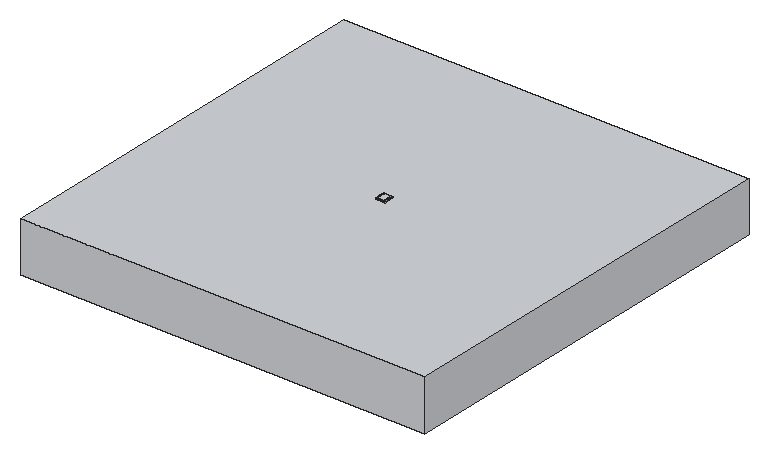
Revit family "Gira_514500", category Allgemeines Modell, Revit 2017
Family settings
  Basisbauteil = Fläche
  Kann Basisbauteil für Bewehrung sein = Nein
  Bemaßung runder Anschluss = Durchmesser verwenden
  Teiletyp = Normal
  Beim Laden mit Abzugskörper schneiden = Nein
  Gemeinsam genutzt = Nein
  Raumberechnungspunkt = Nein
Parameters
  Werkstoffgüte = "sonstige"
  Werkstoff = "sonstige"
  Default Elevation = 1219.2 mm
  URL = "https://www.gira.de/"
  Typname = "KNX Tastsens.3 Plus 5f (2+3) System 55, Gira E22"
  Transparent = no
  Schutzart (IP) = "IP20"
  Produktseite = "http://katalog.gira.de/de_DE/datenblatt.html?artikelnr=514500"
  Oberfläche = "sonstige"
  Montageart = "Unterputz"
  Mit Raumthermostat = yes
  Mit LED-Anzeige = yes
  Mit Infrarotsensor = no
  Mit Display = yes
  Mit Diebstahl-/Demontageschutz = yes
  Mit Busankopplung = no
  Mit Beschriftungsfeld = no
  Hersteller = "Gira"
  HAN = "514500"
  GTIN = "4010337086895"
  Farbe = "sonstige"
  Datenblatt = "https://katalog.gira.de/de_DE/download.html?artikelnr=514500"
  Bussystem Powernet = no
  Bussystem LON = no
  Bussystem KNX-Funk = no
  Bussystem KNX = yes
  Bussystem Funkbus = no
  Beschreibung = "KNX Tastsensor 3 Plus 5fach (2+3) System 55, Gira E22 Inbetriebnahme-Wippe Merkmale: - Montage auf Busankoppler 3 oder Busankoppler 3 externer Fühler. - Demontageschutz durch Verschraubung. - Grafikdisplay mit Hintergrundbeleuchtung und vielfältigen Anzeigemöglichkeiten, z. B. Temperatur, Uhrzeit, Datum, Alarm- und Hinweistexte. - Zwei mehrfarbige Status-LEDs je Bedienfläche. - Mehrfarbige Status-LED (rot, grün, blau) über die ETS parametrierbar. - Beschriftungsfeldbeleuchtung bei Wippensets mit Beschriftungsfeld. - Interner Temperatursensor zum Messen der lokalen Raumtemperatur. Tastsensor-Eigenschaften:: - Wippen- oder Tastenfunktion für jede Bedienfläche einstellbar. - Wippenfunktion: Schalten, Dimmen, Jalousiesteuerung, Wertgeber 1 Byte, Wertgeber 2 Byte, Szenennebenstelle, 2-Kanal-Bedienung und manuelle Lüftersteuerung. - Tastenfunktion: Schalten, Dimmen, Jalousiesteuerung, Wertgeber 1 Byte, Wertgeber 2 Byte, Szenennebenstelle, 2-Kanal-Bedienung, Reglernebenstelle, Reglerbedienung, Heizungsuhrbedienung und manuelle Lüftersteuerung. - Reglernebenstelle oder Reglerbedienung: Betriebsmodusumschaltung, (definierte Wahl eines Betriebsmodus oder Wechsel zwischen verschiedenen Betriebsmodi bei Reglernebenstelle), Wechsel des Präsenzzustands, Sollwertverschiebung. - Sperrobjekt zum Sperren von einzelnen Tasten- bzw. Wippenfunktionen. - Anzeige einer Alarmmeldung durch Blinken sämtlicher LEDs. - Mehrfarbige Status-LED (rot, grün, blau) ist global oder jeweils getrennt konfigurierbar. Über den Bus kann eine überlagerte Funktion aktiviert werden, wodurch Farbe und Anzeigeinformation einzelner Status-LEDs prioritätsbedingt verändert werden können. - Beschriftungsfeldbeleuchtung EIN, AUS, automatische Abschaltung oder über Objekt schaltbar. - Kommunikationsobjekt zur Helligkeitssteuerung der Status-LED, Beschriftungsfeldbeleuchtung und Hintergrundbeleuchtung des Displays. Raumtemperaturregler-Eigenschaften:: - Betriebsmodi: Komfort, Stand-by, Nacht und Frost- bzw. Hitzeschutz mit jeweils eigenen Temperatursollwerten (für Heizen und bzw. oder Kühlen). - Komfortverlängerung durch Präsenztaste. - Frost- bzw. Hitzeschutzumschaltung durch Fensterstatus oder durch Frostschutzautomatik. - Anzeige der Raumtemperaturregler-Informationen über das Gerätedisplay. - Wahlweise ein oder zwei Regelkreise. - Je Heiz- oder Kühlstufe sind verschiedene Regelungsarten konfigurierbar: PI-Regelung (stetige oder schaltende PWM) oder 2-Punkt-Regelung (schaltend). - Regelparameter für PI-Regler und 2-Punkt-Regler einstellbar. - Interner Temperatursensor und bis zu zwei externe Temperaturfühler (1 x Objekt, 1 x bedrahtet) zur Raumtemperaturmessung möglich. - Optionaler externer bedrahteter Fernfühler bei Fußbodenheizung. - Heizungsuhr mit 28 Schaltzeiten. LC-Display Eigenschaften:: - Grafikdisplay mit schaltbarer LED-Hintergrundbeleuchtung. - 1-Bereichs- oder 2-Bereichsdarstellung. - Textanzeigen im Display in den Sprachen: Deutsch, Englisch, Niederländisch, Norwegisch, Russisch und Polnisch. Weitere Sprachen im Internet verfügbar.  Hinweise : - Professionelle Beschriftung über den Gira Beschriftungsservice www.beschriftung.gira.de. - Der Tastsensor wird mit einer programmneutralen Inbetriebnahme-Wippe geliefert. Das passende Wippenset zum Schalterprogramm ist separat zu bestellen."
  BIM = "https://media.stage.bim.site/public/gira/ce1eeae/SYS55_Tastsensor.rfa"
  Ausführung der Oberfläche = "nicht zutreffend"
  Anzahl der Tasten = 6
  Anzahl der Betätigungspunkte = 12
  Andere Bussysteme = "ohne"
Reference planes
  plane 1 "Center (Front/Back)": y = 0
  plane 2: z = 0
  plane 3 "Center (Left/Right)": x = 0
Forms (mm)
  Extrusion 1, solid
    sketch origin (0, 0, 0) x (1, 0, 0) y (0, 1, 0)
      loop
        line (-1219.2, 1219.2) -> (-1219.2, -1219.2) -> (1219.2, -1219.2) -> (1219.2, 1219.2) -> (-1219.2, 1219.2)
    from 0 to -304.8
  Extrusion 2, solid, detail levels fine
    sketch origin (0, 0, 0) x (1, 0, 0) y (0, 1, 0)
      loop
        line (-6.6, -21.3) -> (-6.6, -16) -> (6.6, -16) -> (6.6, -21.3) -> (7.4, -21.3) -> (7.4, -15.2) -> (-7.4, -15.2) -> (-7.4, -21.3) -> (-6.6, -21.3)
    from -9.5 to -1.5
  Extrusion 3, solid, detail levels fine
    sketch origin (0, 0, 0) x (1, 0, 0) y (0, 1, 0)
      loop
        circle (-5.08, -17.5) r 0.5
      loop
        circle (-2.54, -17.48) r 0.5
      loop
        circle (0, -17.5) r 0.5
      loop
        circle (2.54, -17.48) r 0.5
      loop
        circle (5.08, -17.5) r 0.5
      loop
        circle (5.08, -20.04) r 0.5
      loop
        circle (2.54, -20.02) r 0.5
      loop
        circle (0, -20.04) r 0.5
      loop
        circle (-2.54, -20.02) r 0.5
      loop
        circle (-5.08, -20.04) r 0.5
    from -8.48 to -1.5
  Extrusion 4, solid, detail levels fine
    sketch origin (0, 0, 0) x (1, 0, 0) y (0, 1, 0)
      loop
        arc (-23.95, -19.15) -> (-22.544, -22.544) -> (-19.15, -23.95) r 4.8
        line (-19.15, -23.95) -> (19.15, -23.95)
        arc (19.15, -23.95) -> (22.544, -22.544) -> (23.95, -19.15) r 4.8
        line (23.95, -19.15) -> (23.95, 19.15)
        arc (23.95, 19.15) -> (22.544, 22.544) -> (19.15, 23.95) r 4.8
        line (19.15, 23.95) -> (-19.15, 23.95)
        arc (-19.15, 23.95) -> (-22.544, 22.544) -> (-23.95, 19.15) r 4.8
        line (-23.95, 19.15) -> (-23.95, -19.15)
    from -1.5 to 0.5
  Extrusion 5, solid, detail levels fine
    sketch origin (0, 0, 0) x (1, 0, 0) y (0, 1, 0)
      loop
        line (27.6, -27.7) -> (27.6, -26.6) -> (26.1, -26.6) -> (26.1, -10.4) -> (27.45, -10.4) -> (27.45, -8.1) -> (26.1, -8.1) -> (26.1, 8.1) -> (27.45, 8.1) -> (27.45, 10.4) -> (26.1, 10.4) -> (26.1, 26.6) -> (27.6, 26.6) -> (27.6, 27.7) -> (-27.6, 27.7) -> (-27.6, 26.6) -> (-26.1, 26.6) -> (-26.1, 10.4) -> (-27.45, 10.4) -> (-27.45, 8.1) -> (-26.1, 8.1) -> (-26.1, -8.1) -> (-27.45, -8.1) -> (-27.45, -10.4) -> (-26.1, -10.4) -> (-26.1, -26.6) -> (-27.6, -26.6) -> (-27.6, -27.7) -> (27.6, -27.7)
    from 0 to 5.44
  Extrusion 6, solid, detail levels fine
    sketch origin (0, 0, 0) x (0, 1, 0) y (0, 0, 1)
      loop
        arc (15.5, 5.92) -> (15.146, 5.774) -> (15, 5.42) r 0.5
        line (15, 5.42) -> (15, 3.62)
        arc (15, 3.62) -> (15.146, 3.267) -> (15.5, 3.12) r 0.5
        line (15.5, 3.12) -> (21.5, 3.12)
        arc (21.5, 3.12) -> (21.854, 3.267) -> (22, 3.62) r 0.5
        line (22, 3.62) -> (22, 5.42)
        arc (22, 5.42) -> (21.854, 5.774) -> (21.5, 5.92) r 0.5
        line (21.5, 5.92) -> (15.5, 5.92)
      loop
        line (11.4, 1.3) -> (25.6, 1.3)
        arc (25.6, 1.3) -> (25.954, 1.446) -> (26.1, 1.8) r 0.5
        line (26.1, 1.8) -> (26.1, 5.7) -> (27.65, 5.7) -> (27.635, 7.4) -> (-27.635, 7.4) -> (-27.65, 5.7) -> (-26.1, 5.7) -> (-26.1, 1.8)
        arc (-26.1, 1.8) -> (-25.954, 1.446) -> (-25.6, 1.3) r 0.5
        line (-25.6, 1.3) -> (-11.4, 1.3)
        arc (-11.4, 1.3) -> (-11.046, 1.446) -> (-10.9, 1.8) r 0.5
        line (-10.9, 1.8) -> (-10.9, 5.7) -> (-8.05, 5.7) -> (-8.05, 1.8)
        arc (-8.05, 1.8) -> (-7.904, 1.446) -> (-7.55, 1.3) r 0.5
        line (-7.55, 1.3) -> (7.55, 1.3)
        arc (7.55, 1.3) -> (7.904, 1.446) -> (8.05, 1.8) r 0.5
        line (8.05, 1.8) -> (8.05, 5.7) -> (10.9, 5.7) -> (10.9, 1.8)
        arc (10.9, 1.8) -> (11.046, 1.446) -> (11.4, 1.3) r 0.5
      loop
        line (3, 5.92) -> (-3, 5.92)
        arc (-3, 5.92) -> (-3.354, 5.774) -> (-3.5, 5.42) r 0.5
        line (-3.5, 5.42) -> (-3.5, 3.62)
        arc (-3.5, 3.62) -> (-3.354, 3.267) -> (-3, 3.12) r 0.5
        line (-3, 3.12) -> (3, 3.12)
        arc (3, 3.12) -> (3.354, 3.267) -> (3.5, 3.62) r 0.5
        line (3.5, 3.62) -> (3.5, 5.42)
        arc (3.5, 5.42) -> (3.354, 5.774) -> (3, 5.92) r 0.5
      loop
        arc (-15.5, 3.12) -> (-15.146, 3.267) -> (-15, 3.62) r 0.5
        line (-15, 3.62) -> (-15, 5.42)
        arc (-15, 5.42) -> (-15.146, 5.774) -> (-15.5, 5.92) r 0.5
        line (-15.5, 5.92) -> (-21.5, 5.92)
        arc (-21.5, 5.92) -> (-21.854, 5.774) -> (-22, 5.42) r 0.5
        line (-22, 5.42) -> (-22, 3.62)
        arc (-22, 3.62) -> (-21.854, 3.267) -> (-21.5, 3.12) r 0.5
        line (-21.5, 3.12) -> (-15.5, 3.12)
    from -27.45 to -25
  Extrusion 7, solid, detail levels fine
    sketch origin (0, 0, 0) x (0, 1, 0) y (0, 0, -1)
      loop
        line (15.5, -5.92) -> (21.5, -5.92)
        arc (21.5, -5.92) -> (21.854, -5.774) -> (22, -5.42) r 0.5
        line (22, -5.42) -> (22, -3.62)
        arc (22, -3.62) -> (21.854, -3.267) -> (21.5, -3.12) r 0.5
        line (21.5, -3.12) -> (15.5, -3.12)
        arc (15.5, -3.12) -> (15.146, -3.267) -> (15, -3.62) r 0.5
        line (15, -3.62) -> (15, -5.42)
        arc (15, -5.42) -> (15.146, -5.774) -> (15.5, -5.92) r 0.5
      loop
        arc (11.4, -1.3) -> (11.046, -1.446) -> (10.9, -1.8) r 0.5
        line (10.9, -1.8) -> (10.9, -5.7) -> (8.05, -5.7) -> (8.05, -1.8)
        arc (8.05, -1.8) -> (7.904, -1.446) -> (7.55, -1.3) r 0.5
        line (7.55, -1.3) -> (-7.55, -1.3)
        arc (-7.55, -1.3) -> (-7.904, -1.446) -> (-8.05, -1.8) r 0.5
        line (-8.05, -1.8) -> (-8.05, -5.7) -> (-10.9, -5.7) -> (-10.9, -1.8)
        arc (-10.9, -1.8) -> (-11.046, -1.446) -> (-11.4, -1.3) r 0.5
        line (-11.4, -1.3) -> (-25.6, -1.3)
        arc (-25.6, -1.3) -> (-25.954, -1.446) -> (-26.1, -1.8) r 0.5
        line (-26.1, -1.8) -> (-26.1, -5.7) -> (-27.65, -5.7) -> (-27.635, -7.4) -> (27.635, -7.4) -> (27.65, -5.7) -> (26.1, -5.7) -> (26.1, -1.8)
        arc (26.1, -1.8) -> (25.954, -1.446) -> (25.6, -1.3) r 0.5
        line (25.6, -1.3) -> (11.4, -1.3)
      loop
        arc (3, -5.92) -> (3.354, -5.774) -> (3.5, -5.42) r 0.5
        line (3.5, -5.42) -> (3.5, -3.62)
        arc (3.5, -3.62) -> (3.354, -3.267) -> (3, -3.12) r 0.5
        line (3, -3.12) -> (-3, -3.12)
        arc (-3, -3.12) -> (-3.354, -3.267) -> (-3.5, -3.62) r 0.5
        line (-3.5, -3.62) -> (-3.5, -5.42)
        arc (-3.5, -5.42) -> (-3.354, -5.774) -> (-3, -5.92) r 0.5
        line (-3, -5.92) -> (3, -5.92)
      loop
        line (-15.5, -3.12) -> (-21.5, -3.12)
        arc (-21.5, -3.12) -> (-21.854, -3.267) -> (-22, -3.62) r 0.5
        line (-22, -3.62) -> (-22, -5.42)
        arc (-22, -5.42) -> (-21.854, -5.774) -> (-21.5, -5.92) r 0.5
        line (-21.5, -5.92) -> (-15.5, -5.92)
        arc (-15.5, -5.92) -> (-15.146, -5.774) -> (-15, -5.42) r 0.5
        line (-15, -5.42) -> (-15, -3.62)
        arc (-15, -3.62) -> (-15.146, -3.267) -> (-15.5, -3.12) r 0.5
    from -27.45 to -25
  Extrusion 8, solid, detail levels fine
    sketch origin (-82.195, -64.588, 0) x (1, 0, 0) y (0, 1, 0)
      loop
        line (54.545, 36.952) -> (109.845, 36.952) -> (109.845, 92.223) -> (54.545, 92.223) -> (54.545, 36.952)
    from 6.703 to 8.9
  Extrusion 9, solid, detail levels fine
    sketch origin (0, 0, 0) x (1, 0, 0) y (0, 1, 0)
      loop
        line (-19.2, 27) -> (-19.2, -27) -> (19.2, -27) -> (19.2, 27) -> (-19.2, 27)
    from 5.44 to 8
  Extrusion 10, solid, detail levels fine
    sketch origin (0, 0, 0) x (1, 0, 0) y (0, 1, 0)
      loop
        circle (-23.85, 0) r 1.269
      loop
        circle (23.85, 0) r 1.269
    from 6.703 to 9.6
  Extrusion 11, solid, detail levels medium
    sketch origin (0, 0, 0) x (1, 0, 0) y (0, 1, 0)
      loop
        line (27.65, 27.7) -> (-27.65, 27.7) -> (-27.65, -27.7) -> (27.65, -27.7) -> (27.65, 27.7)
    from 0 to 9.6
  Extrusion 12, solid, detail levels medium
    sketch origin (0, 0, 0) x (1, 0, 0) y (0, 1, 0)
      loop
        line (-23.95, -23.95) -> (23.95, -23.95) -> (23.95, 23.95) -> (-23.95, 23.95) -> (-23.95, -23.95)
    from -1.5 to 0.5
  Extrusion 13, solid, detail levels medium
    sketch origin (0, 0, 0) x (1, 0, 0) y (0, 1, 0)
      loop
        line (-7.4, -21.3) -> (7.4, -21.3) -> (7.4, -15.2) -> (-7.4, -15.2) -> (-7.4, -21.3)
    from -9.5 to -1.5
  Extrusion 14, solid, detail levels coarse
    sketch origin (0, 0, 0) x (1, 0, 0) y (0, 1, 0)
      loop
        line (27.65, 27.7) -> (-27.65, 27.7) -> (-27.65, -27.7) -> (27.65, -27.7) -> (27.65, 27.7)
    from -9.5 to 9.6
Dimensions and locks
  aligned and locked: plane 2 to Extrusion 1
  aligned and locked: level to Extrusion 1
Connectors
  electrical at (0, 0, -9.5)
    settings: on Extrusion 14, index 1, voltage 220 V, apparent load 0 VA, apparent load phase1 0 VA, apparent load phase2 0 VA, apparent load phase3 0 VA, power factor 1, load classification "Other", number of poles 1, system type 30, power factor state 1, is connector primary yes, connector utility no, sub classification motor no, connector description ""
